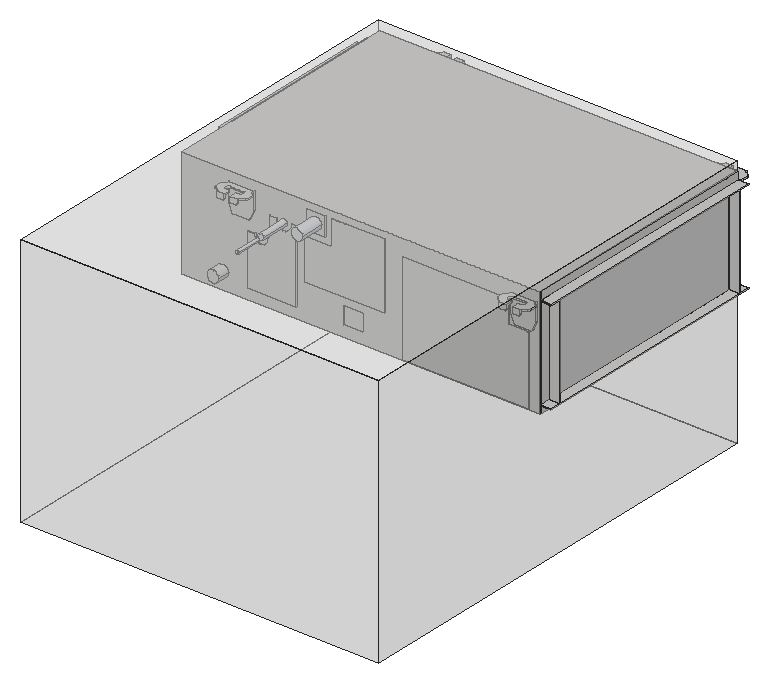
Revit family "outputfile", category 機械設備, Revit 2024
Family settings
  丸型コネクタ寸法 = 半径を使用
  パーツ タイプ = 標準
  OmniClass 番号 = 23.75.10.24.21.27.27
  OmniClass タイトル = Split System Air Conditioning Units
  作業面ベース = いいえ
  常に垂直 = はい
  ロード時にボイドで切り取り = いいえ
  注釈の向きを維持 = いいえ
  共有 = いいえ
  部屋計算ポイント = はい
Parameters (values of type "FXSQ25PAVE8")
  Description = ""
  製造元 = "Daikin"
  書き出し IFC クラス(タイプ) = "IfcUnitaryEquipmentType"
  定義済み IFC タイプ(タイプ) = "AIRCONDITIONINGUNIT"
  Cost = 0
  モデル = "FXSQ25PAVE8"
  Type Comments = ""
  Keynote = ""
  Type Image = (empty or 0)
  Assembly Code = ""
  r_Liquid Pipe Size = Liquid Pipe Size / 2  # 3.2 mm
  r_Gas Pipe Size = Gas Pipe Size / 2  # 6.35 mm
  r_Drain Pipe Size = Drain Pipe Size / 2  # 12.5 mm
  lw_power = 770.0 mm  # constant formula
  lh_SA = 138.0 mm  # constant formula
  lw_SA = if(Depth = 550.0 mm, 225.0 mm, if(Depth = 700.0 mm, 300.0 mm, if(Depth = 1000.0 mm, 450.0 mm, if(Depth = 1400.0 mm, 650.0 mm, 725.0 mm))))  # 225.0 mm
  lw_RA = if(Depth = 550.0 mm, 275.0 mm, if(Depth = 700.0 mm, 349.0 mm, if(Depth = 1000.0 mm, 499.0 mm, if(Depth = 1400.0 mm, 699.0 mm, 775.0 mm))))  # 275.0 mm
  lh_power = 60.0 mm + [h***]  # 60.0 mm
  lh_mountinghole1 = lh_mountinghole + [h***]  # 222.0 mm
  lh_RA = 123.0 mm  # constant formula
  ld_power = Depth / 2  # 275.0 mm
  Voltage_comment_60Hz = "220"
  Voltage_comment_50Hz = "220-240"
  Voltage_60Hz = 220 V
  Voltage_50Hz = 220 V
  URL = ""
  Supply Air Direction [instance] = yes
  Sound Power Level_H speed (dB) = 61
  Phase_60Hz = 1
  Phase_50Hz = 1
  Minimum External Static Pressure = 30.00 Pa
  Minimum Circuit Amps_60Hz = 0.8 A
  Minimum Circuit Amps_50Hz = 0.8 A
  Maximum Fuse Amps_60Hz = 16.0 A
  Maximum Fuse Amps_50Hz = 16.0 A
  Maximum External Static Pressure = 150.00 Pa
  Material_Casing = DAIKIN_GalvanizedSteel_Casing_indoorunit
  lw_mountinghole = 630.0 mm  # constant formula
  lh_gaspipe = 183.0 mm + [h***]  # 183.0 mm
  lh_mountinghole = 222.0 mm  # constant formula
  lh_liquidpipe = 136.0 mm + [h***]  # 136.0 mm
  lh_drainpipe = 207.0 mm + [h***]  # 207.0 mm
  lh_antena = Height - lh_mountinghole + 1.0 mm  # 24.0 mm
  ld_drainpipe = Depth / 2 + 53.0 mm  # 328.0 mm
  ld_liquidpipe = Depth / 2 + 69.0 mm  # 344.0 mm
  ld_gaspipe = Depth / 2 + 65.0 mm  # 340.0 mm
  ld_mountinghole = Depth + 38.0 mm  # 588.0 mm
  h*** = 0.0 mm  # constant formula
  lw_liquidpipe = 179.0 mm  # constant formula
  lw_gaspipe = 229.0 mm  # constant formula
  lw_drainpipe = 300.0 mm  # constant formula
  Width = 800.0 mm
  Version = "ver.1.0"
  Unit Type = "Middle Static Pressure Duct Type"
  Unit Mass Weight = 25.00 kg
  Unit Designation [instance] = ""
  Uniclass2015Version = "Products v1.30"
  Uniclass2015Title = "Variable refrigerant flow units"
  Uniclass2015Code = "Pr_70_65_03_94"
  Total Heating Capacity [instance] = 0.000 kW
  Total Cooling Capacity [instance] = 0.000 kW
  Sound Pressure Level_M speed (dBA) = 0
  Sound Pressure Level_L speed (dBA) = 28
  Sound Pressure Level_H speed (dBA) = 33
  Series = "VRV Fan Coil Unit"
  Sensible Cooling Capacity [instance] = 0.000 kW
  SA Duct Size Width = if(Depth = 550.0 mm, 337.0 mm, if(Depth = 700.0 mm, 492.0 mm, if(Depth = 1000.0 mm, 792.0 mm, if(Depth = 1400.0 mm, 1192.0 mm, 1337.0 mm))))  # 337.0 mm
  SA Duct Size Height = 176.0 mm
  Refrigerant Type = "R410A"
  RA Duct Size Width = if(Depth = 550.0 mm, 502.0 mm, if(Depth = 700.0 mm, 654.0 mm, if(Depth = 1000.0 mm, 952.0 mm, if(Depth = 1400.0 mm, 1352.0 mm, 1502.0 mm))))  # 502.0 mm
  RA Duct Size Height = 208.0 mm
  Power Input (Heating) = 0.099 kW
  Power Input (Cooling) = 0.104 kW
  Option Accessory 3 [instance] = ""
  Option Accessory 2 [instance] = ""
  Option Accessory 1 [instance] = ""
  Nominal Heating Capacity = 3.200 kW
  Nominal Cooling Capacity = 2.800 kW
  Minimum Airflow = 390.00 m³/h
  Median Airflow = 450.00 m³/h
  Maximum Airflow = 540.00 m³/h
  Load Classification = HVAC
  Liquid Pipe Size = 6.4 mm
  Link_Nested Family [instance] = ""
  IfcVersion = "0"
  IfcExportType = "AIRCONDITIONINGUNIT"
  IfcExportAs = "IfcUnitaryEquipmentType"
  Height = 245.0 mm
  Heating Entering Wet Bulb Temperature [instance] = 0.00 °C
  Heating Entering Dry Bulb Temperature [instance] = 0.00 °C
  Heating Ambient Wet Bulb Temperature [instance] = 0.00 °C
  Heating Ambient Dry Bulb Temperature [instance] = 0.00 °C
  Heat Exchanger Type = "Cross Fin Coil"
  Gas Pipe Size = 12.7 mm
  Frequency_60Hz = 60 Hz
  Frequency_50Hz = 50 Hz
  Fan Type = "Sirocco Fan"
  Fan Drive = "Direct Drive"
  FCU Tag No. [instance] = ""
  Drain Pipe Size = 25.0 mm
  Design Supply Airflow [instance] = 0.00 m³/h
  Design Return Airflow [instance] = 0.00 m³/h
  Design External Static Pressure [instance] = 0.00 Pa
  Depth = 550.0 mm
  既定の高さ = 0.0 mm
  Cooling Entering Wet Bulb Temperature [instance] = 0.00 °C
  Cooling Entering Dry Bulb Temperature [instance] = 0.00 °C
  Cooling Ambient Wet Bulb Temperature [instance] = 0.00 °C
  Cooling Ambient Dry Bulb Temperature [instance] = 0.00 °C
  Clearance visibility [instance] = yes
  Clearance Top = 20.0 mm
  Clearance Right = 0.0 mm
  Clearance Rear = 0.0 mm
  Clearance Left = 0.0 mm
  Clearance Front = 450.0 mm
  Clearance Bottom = 300.0 mm
Reference planes
  plane 1 "Center (Front/Back)": y = 0
  plane 2 "h": z = 0
  plane 3 "Center (Left/Right)": x = 0
  plane 4 "Back": y = 275
  plane 5 "Front": y = -275
  plane 6 "Left": x = -400
  plane 7 "Reight": x = 400
  plane 8 "Top": z = 0
  plane 9 "Bottom": z = -245
  plane 10: y = -215
  plane 11: y = 275
  plane 12: y = -725
  plane 13: x = -400
  plane 14: x = 400
  plane 15: z = 20
  plane 16: z = -545
  plane 17: x = -400
  plane 18: x = -399
  plane 19: x = 399
  plane 20: y = 50
  plane 21: y = 0
  plane 22: z = -122
  plane 23: y = -276
  plane 24: z = -109
  plane 25: x = -221
  plane 26: y = -340
  plane 27: z = -62
  plane 28: x = -171
  plane 29: y = -328
  plane 30: z = -38
  plane 31: x = -100
  plane 32: x = -100
  plane 33: x = -221
  plane 34: x = -171
  plane 35: x = 370
  plane 36: x = -266
  plane 37: x = 364
  plane 38: y = -294
  plane 39: y = 294
  plane 40: z = -23
  plane 41: z = -107
  plane 42: y = -344
  plane 43: z = -207
  plane 44: x = -309
  plane 45: y = -301
  plane 46: x = -251
  plane 47: x = -203
  plane 48: x = -144
  plane 49: z = -59
  plane 50: z = -106
  plane 51: z = -221
  plane 52: z = -109
  plane 53: x = -221
  plane 54: z = -62
  plane 55: x = -171
  plane 56: z = -17
  plane 57: z = -59
  plane 58: x = -121
  plane 59: x = -79
  plane 60: x = -125
  plane 61: x = -64
  plane 62: x = 53
  plane 63: z = -164
  plane 64: z = -73
  plane 65: z = -16
  plane 66: x = 93.5
  plane 67: x = 374.5
  plane 68: x = 330
  plane 69: z = -88.5
  plane 70: z = -38
  plane 71: z = -242.5
  plane 72: x = -38.5
  plane 73: x = 6.5
  plane 74: z = -181
  plane 75: z = -221
  plane 76: y = -274
  plane 77: x = -424
  plane 78: x = 424
Forms (mm)
  Extrusion 1, solid, material "DAIKIN_GalvanizedSteel_Casing_indoorunit" <- "Material_Casing"
    sketch origin (0, 0, 0) x (1, 0, 0) y (0, 1, 0)
      loop
        line (-399, 275) -> (-399, -275) -> (399, -275) -> (399, 275) -> (-399, 275)
    from -245 to 0
  Extrusion 2, solid, material "DAIKIN_GalvanizedSteel_Casing_indoorunit" <- "Material_Casing"
    sketch origin (0, 0, 0) x (1, 0, 0) y (0, 0, 1)
      loop
        line (-251, -221) -> (-144, -221) -> (-144, -59) -> (-154.47, -59)
        arc (-154.47, -59) -> (-171, -78.8) -> (-187.53, -59) r 16.8
        line (-187.53, -59) -> (-203, -59) -> (-203, -106) -> (-206.916, -106)
        arc (-206.916, -106) -> (-221, -123.4) -> (-235.084, -106) r 14.4
        line (-235.084, -106) -> (-251, -106) -> (-251, -221)
    from 275 to 276
  Extrusion 3, solid, material "DAIKIN_GalvanizedSteel_Casing_indoorunit" <- "Material_Casing"
    sketch origin (0, 0, 0) x (1, 0, 0) y (0, 0, 1)
      loop
        line (-121, -17) -> (-121, -59) -> (-79, -59) -> (-79, -17) -> (-121, -17)
      loop
        line (-125, -73) -> (-125, -164) -> (53, -164) -> (53, -16) -> (-64, -16) -> (-64, -73) -> (-125, -73)
    from 275 to 276
  Extrusion 4, solid, material "DAIKIN_GalvanizedSteel_Casing_indoorunit" <- "Material_Casing"
    sketch origin (0, 0, 0) x (1, 0, 0) y (0, 0, 1)
      loop
        line (93.5, -38) -> (93.5, -242.5) -> (374.5, -242.5) -> (374.5, -88.5) -> (330, -88.5) -> (330, -38) -> (93.5, -38)
    from 275 to 276
  Extrusion 5, solid
    sketch origin (0, 0, 0) x (1, 0, 0) y (0, 0, 1)
      loop
        circle (-221, -109) r 3.2
    from 275 to 344
  Extrusion 6, solid
    sketch origin (0, 0, 0) x (1, 0, 0) y (0, 0, 1)
      loop
        circle (-171, -62) r 6.35
    from 275 to 340
  Extrusion 7, solid
    sketch origin (0, 0, 0) x (1, 0, 0) y (0, 0, 1)
      loop
        circle (-100, -38) r 12.5
    from 276 to 328
  Extrusion 8, solid, material "DAIKIN_GalvanizedSteel_Casing_indoorunit" <- "Material_Casing"
    sketch origin (0, 0, 0) x (1, 0, 0) y (0, 0, 1)
      loop
        circle (-309, -207) r 13
    from 275 to 301
  Extrusion 9, void
    sketch origin (0, 0, 0) x (1, 0, 0) y (0, 0, 1)
      loop
        line (-38.5, -181) -> (-38.5, -221) -> (6.5, -221) -> (6.5, -181) -> (-38.5, -181)
    from 274 to 275
Cuts and joins
  Extrusion 9 cuts Extrusion 1
Dimensions and locks
  "Height": plane 8 "Top" to plane 9 "Bottom"
  equal spacing: plane 4 "Back", plane 1 "Center (Front/Back)", plane 5 "Front"
  "Depth": plane 4 "Back" to plane 5 "Front"
  equal spacing: plane 6 "Left", plane 3 "Center (Left/Right)", plane 7 "Reight"
  "Width": plane 6 "Left" to plane 7 "Reight"
  "Clearance Left": plane 13 to plane 6 "Left"
  "Clearance Right": plane 7 "Reight" to plane 14
  "Clearance Rear": plane 11 to plane 4 "Back"
  "Clearance Front": plane 5 "Front" to plane 12
  "Clearance Top": plane 15 to plane 8 "Top"
  "Clearance Bottom": plane 9 "Bottom" to plane 16
  locked: plane 17 to plane 18 at 1
  locked: plane 19 to plane 14 at 1
  "lw_SA": plane 11 to plane 20
  "lw_RA": plane 21 to plane 5 "Front"
  "lh_RA": plane 22 to plane 9 "Bottom"
  locked: plane 5 "Front" to plane 23 at 1
  "lw_liquidpipe": plane 25 to plane 6 "Left"
  "lh_liquidpipe": plane 24 to plane 9 "Bottom"
  "lh_gaspipe": plane 27 to plane 9 "Bottom"
  "lw_gaspipe": plane 28 to plane 6 "Left"
  "ld_gaspipe": plane 26 to plane 1 "Center (Front/Back)"
  "ld_drainpipe": plane 29 to plane 1 "Center (Front/Back)"
  "lh_drainpipe": plane 30 to plane 9 "Bottom"
  "lw_drainpipe": plane 31 to plane 6 "Left"
  "lw_drainpipe": plane 6 "Left" to plane 32
  "lw_liquidpipe": plane 6 "Left" to plane 33
  "lw_gaspipe": plane 6 "Left" to plane 34
  "lw_power": plane 6 "Left" to plane 35
  locked: plane 17 to plane 36 at 134
  "lw_mountinghole": plane 36 to plane 37
  equal spacing: plane 38, plane 1 "Center (Front/Back)", plane 39
  "ld_mountinghole": plane 39 to plane 38
  "lh_mountinghole": plane 40 to plane 9 "Bottom"
  "lh_SA": plane 41 to plane 9 "Bottom"
  "ld_liquidpipe": plane 21 to plane 42
  locked: plane 44 to plane 6 "Left" at 91
  locked: plane 43 to plane 9 "Bottom" at 38
  locked: plane 5 "Front" to plane 45 at 26
  plane 48 to plane 47 to plane 46 to plane 6 "Left" = 59.0 mm, 48.0 mm, 149.0 mm
  plane 8 "Top" to plane 49 to plane 50 to plane 51 = 59.0 mm locked, 47.0 mm locked, 115.0 mm locked
  plane 55 to plane 53 to plane 6 "Left" = 50.0 mm locked, 179.0 mm locked
  plane 54 to plane 52 to plane 9 "Bottom" = 47.0 mm locked, 136.0 mm locked
  plane 59 to plane 58 to plane 6 "Left" = 42.0 mm locked, 279.0 mm locked
  plane 8 "Top" to plane 56 to plane 57 = 17.0 mm locked, 42.0 mm locked
  plane 62 to plane 61 to plane 60 to plane 6 "Left" = 117.0 mm, 61.0 mm, 275.0 mm
  plane 8 "Top" to plane 65 to plane 64 = 16.0 mm locked, 57.0 mm locked
  locked: plane 65 to plane 63 at 148
  plane 8 "Top" to plane 70 to plane 69 to plane 71 = 38.0 mm locked, 50.5 mm locked, 154.0 mm locked
  plane 67 to plane 68 to plane 66 to plane 6 "Left" = 44.5 mm locked, 236.5 mm locked, 493.5 mm locked
  plane 8 "Top" to plane 74 to plane 75 = 181.0 mm locked, 40.0 mm locked
  plane 73 to plane 72 to plane 6 "Left" = 45.0 mm, 361.5 mm
  locked: plane 76 to plane 5 "Front" at 1
  locked: plane 77 to plane 17 at 24
  locked: plane 14 to plane 78 at 24
  "r_Liquid Pipe Size": radius of Extrusion 5 sketch curve
  "r_Gas Pipe Size": radius of Extrusion 6 sketch curve
  "r_Drain Pipe Size": radius of Extrusion 7 sketch curve
  aligned and locked: level to plane 2 "h"
  aligned and locked: plane 8 "Top" to Extrusion 1
  aligned and locked: Extrusion 1 to plane 9 "Bottom"
  aligned and locked: nested 5 to plane 12
  aligned and locked: plane 13 to nested 5
  aligned and locked: plane 14 to nested 5
  aligned and locked: nested 5 to plane 13
  aligned and locked: plane 11 to nested 5
  aligned and locked: plane 15 to nested 5
  aligned and locked: plane 16 to nested 5
  aligned and locked: plane 5 "Front" to Extrusion 1 sketch curve
  aligned and locked: Extrusion 1 to plane 18
  aligned and locked: plane 19 to Extrusion 1
  aligned and locked: nested 7 to plane 18
  aligned and locked: nested 7 to plane 20
  aligned and locked: plane 19 to nested 8
  aligned and locked: plane 21 to nested 8
  aligned and locked: plane 22 to nested 8
  aligned and locked: Extrusion 2 to plane 23
  aligned and locked: plane 5 "Front" to Extrusion 2
  aligned and locked: Extrusion 3 to plane 23
  aligned and locked: plane 5 "Front" to Extrusion 3
  aligned and locked: plane 5 "Front" to Extrusion 4
  aligned and locked: Extrusion 5 sketch curve to plane 25
  aligned and locked: plane 24 to Extrusion 5 sketch curve
  aligned and locked: plane 5 "Front" to Extrusion 5
  aligned and locked: Extrusion 6 sketch curve to plane 28
  aligned and locked: plane 27 to Extrusion 6 sketch curve
  aligned and locked: plane 5 "Front" to Extrusion 6
  aligned and locked: Extrusion 7 sketch curve to plane 31
  aligned and locked: Extrusion 7 sketch curve to plane 30
  aligned and locked: Extrusion 7 to plane 29
  aligned and locked: plane 23 to Extrusion 7
  aligned and locked: nested 3 to plane 29
  aligned and locked: plane 32 to nested 3
  aligned and locked: nested 2 to plane 33
  aligned and locked: nested 1 to plane 34
  aligned and locked: Extrusion 6 to plane 26
  aligned and locked: nested 1 to plane 26
  aligned and locked: nested 6 to plane 5 "Front"
  aligned and locked: plane 35 to nested 6
  aligned and locked: plane 36 to nested 10
  aligned and locked: nested 10 to plane 5 "Front"
  aligned and locked: plane 37 to nested 9
  aligned and locked: nested 9 to plane 5 "Front"
  aligned and locked: nested 11 to plane 36
  aligned and locked: plane 4 "Back" to nested 11
  aligned and locked: nested 12 to plane 37
  aligned and locked: plane 4 "Back" to nested 12
  aligned and locked: plane 40 to nested 10
  aligned and locked: plane 40 to nested 11
  aligned and locked: plane 40 to nested 9
  aligned and locked: plane 40 to nested 12
  aligned and locked: plane 36 to nested 14
  aligned and locked: nested 14 to plane 39
  aligned and locked: plane 37 to nested 13
  aligned and locked: nested 13 to plane 39
  aligned and locked: plane 37 to nested 16
  aligned and locked: plane 38 to nested 16
  aligned and locked: plane 38 to nested 15
  aligned and locked: plane 36 to nested 15
  aligned and locked: plane 17 to plane 6 "Left"
  aligned and locked: plane 41 to nested 7
  aligned and locked: Extrusion 5 to plane 42
  aligned and locked: nested 2 to plane 42
  aligned and locked: Extrusion 8 sketch curve to plane 44
  aligned and locked: plane 43 to Extrusion 8 sketch curve
  aligned and locked: plane 5 "Front" to Extrusion 8
  aligned and locked: plane 45 to Extrusion 8
  aligned and locked: Extrusion 3 sketch curve to plane 56
  aligned and locked: Extrusion 3 sketch curve to plane 58
  aligned and locked: plane 57 to Extrusion 3 sketch curve
  aligned and locked: plane 59 to Extrusion 3 sketch curve
  aligned and locked: Extrusion 4 to plane 23
  aligned and locked: Extrusion 9 sketch curve to plane 74
  aligned and locked: plane 75 to Extrusion 9 sketch curve
  aligned and locked: plane 73 to Extrusion 9 sketch curve
  aligned and locked: plane 5 "Front" to Extrusion 9
  aligned and locked: plane 76 to Extrusion 9
  aligned and locked: nested 17 to plane 20
  aligned and locked: nested 17 to plane 77
  aligned and locked: plane 21 to nested 18
  aligned and locked: plane 78 to nested 18
  aligned and locked: plane 41 to nested 17
  aligned and locked: nested 18 to plane 22
  aligned and locked: nested 4 to plane 3 "Center (Left/Right)"
  aligned and locked: plane 1 "Center (Front/Back)" to nested 4
  aligned and locked: level to plane 8 "Top"
Automatic sketch dimensions
  plane 6 "Left" to Extrusion 1 sketch curve = 1.0 mm
  Extrusion 1 sketch curve to plane 7 "Reight" = 1.0 mm
  Extrusion 1 sketch curve to plane 4 "Back" = 0.0 mm
  Extrusion 2 sketch curve to plane 46 = 0.0 mm
  Extrusion 2 sketch curve to plane 33 = 0.0 mm
  Extrusion 2 sketch curve to plane 47 = 0.0 mm
  Extrusion 2 sketch curve to plane 34 = 0.0 mm
  Extrusion 2 sketch curve to plane 48 = 0.0 mm
  Extrusion 2 sketch curve to plane 51 = 0.0 mm
  Extrusion 2 sketch curve to plane 52 = 0.0 mm
  Extrusion 2 sketch curve to plane 50 = 0.0 mm  (x3)
  Extrusion 2 sketch curve to plane 54 = 0.0 mm
  Extrusion 2 sketch curve to plane 49 = 0.0 mm  (x3)
  plane 33 to Extrusion 2 sketch curve = 14.084 mm
  plane 34 to Extrusion 2 sketch curve = 16.53 mm
  Extrusion 3 sketch curve to plane 60 = 0.0 mm
  Extrusion 3 sketch curve to plane 61 = 0.0 mm
  Extrusion 3 sketch curve to plane 62 = 0.0 mm
  Extrusion 3 sketch curve to plane 63 = 0.0 mm
  Extrusion 3 sketch curve to plane 64 = 0.0 mm
  Extrusion 3 sketch curve to plane 65 = 0.0 mm
  Extrusion 4 sketch curve to plane 66 = 0.0 mm
  Extrusion 4 sketch curve to plane 68 = 0.0 mm
  Extrusion 4 sketch curve to plane 67 = 0.0 mm
  Extrusion 4 sketch curve to plane 71 = 0.0 mm
  Extrusion 4 sketch curve to plane 69 = 0.0 mm
  Extrusion 4 sketch curve to plane 70 = 0.0 mm
  Extrusion 9 sketch curve to plane 72 = 0.0 mm
  radius of Extrusion 8 sketch curve = 13.0 mm
Nested families
  nested 1: "daikin_connector_rotate2" at (-171, 0, -62), length <- "ld_gaspipe", built-in parameter 1001364 <- "lh_gaspipe", radius <- "r_Gas Pipe Size", type "daikin_connector_rotate2"
    with radius 6.35 mm, length 340.0 mm, angle_vertical 90.00°
  nested 2: "daikin_connector_rotate2" at (-221, 0, -109), length <- "ld_liquidpipe", built-in parameter 1001364 <- "lh_liquidpipe", radius <- "r_Liquid Pipe Size", type "daikin_connector_rotate2"
    with radius 3.2 mm, length 344.0 mm, angle_vertical 90.00°
  nested 3: "daikin_connector_rotate2" at (-100, 0, -38), length <- "ld_drainpipe", built-in parameter 1001364 <- "lh_drainpipe", radius <- "r_Drain Pipe Size", type "daikin_connector_rotate2"
    with radius 12.5 mm, length 328.0 mm, angle_vertical 90.00°
  nested 4: "daikin_△_symbolicline" at (0, 0, 245) x (0, -1, 0) z (0, 0, 1), built-in parameter 1001364 <- "Height", visible <- "Supply Air Direction", type "daikin_△_symbolicline"
    with length 200.0 mm
  nested 5: "daikin_clearancespace" at (0, -225, -262.381), visible <- "Clearance visibility", show <- "Clearance visibility", Link_Nested Family <- "Link_Nested Family", type "daikin_clearancespace"
    with width 800.0 mm, show yes, height 565.0 mm, depth 1000.0 mm, Link_Nested Family ""
  nested 6: "daikin_connector_rotate2" at (370, 0, -185), built-in parameter 1001364 <- "lh_power", length <- "ld_power", type "daikin_connector_rotate2"
    with radius 10.0 mm, length 275.0 mm, angle_vertical 90.00°
  nested 7: "daikin_ductflange_FXSQ-PAVE8_2" at (-399, 50, -107) x (0, -1, 0) z (0, 0, 1), type "daikin_ductflange_FXSQ-PAVE8_2"
  nested 8: "daikin_ductflange_FXSQ-PAVE8_1" at (399, 0, -122) x (0, 1, 0) z (0, 0, 1), type "daikin_ductflange_FXSQ-PAVE8_1"
  nested 9: "daikin_hangerfixture_FXSQ-PAVE8" at (364, -275, -23), type "daikin_hangerfixture_FXSQ-PAVE8"
  nested 10: "daikin_hangerfixture_FXSQ-PAVE8" at (-266, -275, -23), type "daikin_hangerfixture_FXSQ-PAVE8"
  nested 11: "daikin_hangerfixture_FXSQ-PAVE8" at (-266, 275, -23) x (-1, 0, 0) z (0, 0, 1), type "daikin_hangerfixture_FXSQ-PAVE8"
  nested 12: "daikin_hangerfixture_FXSQ-PAVE8" at (364, 275, -23) x (-1, 0, 0) z (0, 0, 1), type "daikin_hangerfixture_FXSQ-PAVE8"
  nested 13: "daikin_mountinghole" at (364, 294, -245), h_mountinghole <- "lh_mountinghole1", l_antenna <- "lh_antena", Link_Nested Family <- "Link_Nested Family", type "daikin_mountinghole"
    with show yes, l_antenna 24.0 mm, h_mountinghole 222.0 mm, Link_Nested Family ""
  nested 14: "daikin_mountinghole" at (-266, 294, -245), h_mountinghole <- "lh_mountinghole1", l_antenna <- "lh_antena", Link_Nested Family <- "Link_Nested Family", type "daikin_mountinghole"
    with show yes, l_antenna 24.0 mm, h_mountinghole 222.0 mm, Link_Nested Family ""
  nested 15: "daikin_mountinghole" at (-266, -294, -245), h_mountinghole <- "lh_mountinghole1", l_antenna <- "lh_antena", Link_Nested Family <- "Link_Nested Family", type "daikin_mountinghole"
    with show yes, l_antenna 24.0 mm, h_mountinghole 222.0 mm, Link_Nested Family ""
  nested 16: "daikin_mountinghole" at (364, -294, -245), h_mountinghole <- "lh_mountinghole1", l_antenna <- "lh_antena", Link_Nested Family <- "Link_Nested Family", type "daikin_mountinghole"
    with show yes, l_antenna 24.0 mm, h_mountinghole 222.0 mm, Link_Nested Family ""
  nested 17: "daikin_connector_rotate2" at (-400, 50, -107) x (0, -1, 0) z (0, 0, 1), type "daikin_connector_rotate2"
    with radius 10.0 mm, length 24.0 mm, angle_vertical 90.00°
  nested 18: "daikin_connector_rotate2" at (400, 0, -122) x (0, 1, 0) z (0, 0, 1), type "daikin_connector_rotate2"
    with radius 10.0 mm, length 24.0 mm, angle_vertical 90.00°
Connectors
  piping at (-100, -328, -38), diameter 25, driven by "r_Drain Pipe Size"
    settings: on nested 3, index 3, connector inside diameter 609.6 mm, connector length 0.0 mm, flow factor 0, pipe flow 0.00 m³/h, pressure drop 0.0 Pa, fitting loss kfactor 0, connector angle 0.00°, fixture units 0, engagement length 0.0 mm, angle of deflection 0.00°, flow configuration 1, flow direction 2, fitting loss method 4, system type 16, joint type 0, gender type 0, connector reference index -1, connector utility 0, adjustable connector no, is connector primary yes, connector description "Condensate Drain Piping"
  piping at (-171, -340, -62), diameter 12.7, driven by "r_Gas Pipe Size"
    settings: on nested 1, index 4, connector inside diameter 609.6 mm, connector length 0.0 mm, flow factor 0, pipe flow 0.00 m³/h, pressure drop 0.0 Pa, fitting loss kfactor 0, connector angle 0.00°, fixture units 0, engagement length 0.0 mm, angle of deflection 0.00°, flow configuration 1, flow direction 2, fitting loss method 0, system type 29, joint type 0, gender type 0, connector reference index -1, connector utility 0, adjustable connector no, is connector primary no, connector description "Refrigerant Gas Piping"
  piping at (-221, -344, -109), diameter 6.4, driven by "r_Liquid Pipe Size"
    settings: on nested 2, index 5, connector inside diameter 609.6 mm, connector length 0.0 mm, flow factor 0, pipe flow 0.00 m³/h, pressure drop 0.0 Pa, fitting loss kfactor 0, connector angle 0.00°, fixture units 0, engagement length 0.0 mm, angle of deflection 0.00°, flow configuration 1, flow direction 1, fitting loss method 0, system type 29, joint type 0, gender type 0, connector reference index -1, connector utility 0, adjustable connector no, is connector primary no, connector description "Refrigerant Liquid Piping"
  electrical at (370, -275, -185), driven by "Load Classification"
    settings: on nested 6, index 6, voltage 0 V, apparent load 0 VA, apparent load phase1 0 VA, apparent load phase2 0 VA, apparent load phase3 0 VA, power factor 1, load classification "HVAC", number of poles 1, system type 30, power factor state 1, is connector primary yes, connector utility no, sub classification motor no, connector description "Power Supply"
  hvac at (-424, 50, -107), driven by "SA Duct Size Height", driven by "SA Duct Size Width"
    settings: on nested 17, index 7, duct flow 0.00 m³/h, flow factor 0, pres drop 0.00 Pa, loss coef 0, conn angle 0.00°, conn width 337.0 mm, conn height 176.0 mm, conn diameter 609.6 mm, duct sys type 1, conn prof type 1, flow config 0, flow direction 2, loss method 4, conn ref index -1, conn util no, is conn primary yes, conn desc "SA Duct"
  hvac at (424, 0, -122), driven by "RA Duct Size Height", driven by "RA Duct Size Width"
    settings: on nested 18, index 8, duct flow 0.00 m³/h, flow factor 0, pres drop 0.00 Pa, loss coef 0, conn angle 0.00°, conn width 502.0 mm, conn height 208.0 mm, conn diameter 609.6 mm, duct sys type 2, conn prof type 1, flow config 0, flow direction 1, loss method 4, conn ref index -1, conn util no, is conn primary no, conn desc "RA Duct"
Definition of nested family "daikin_clearancespace"
  Parameters (values of type "daikin_clearancespace")
    width [instance] = 1823.963 mm
    show [instance] = yes
    material = none
    height [instance] = 1359.762 mm
    depth [instance] = 880.0 mm
    Default Elevation = 0.0 mm
    Link_Nested Family [instance] = ""
  Reference planes
    plane 1 "Center (Front/Back)": y = 0
    plane 2 "Center (Elevation)": z = -0.119
    plane 3 "Center (Left/Right)": x = 0
    plane 4: y = 440
    plane 5: y = -440
    plane 6 "Right": x = 911.982
    plane 7 "Left": x = -911.982
    plane 8 "Top": z = 679.762
    plane 9 "Bottom": z = -680
  Forms (mm)
    Extrusion 1, solid, material <- "material", visible <- "show"
      sketch origin (0, 0, 0) x (1, 0, 0) y (0, 1, 0)
        loop
          line (-911.982, 440) -> (-911.982, -440) -> (911.982, -440) -> (911.982, 440) -> (-911.982, 440)
      from -680 to 679.762
  Lines and regions (mm)
    symbolic lines, visible <- "show"
      curve 1: line (911.982, 440, 0) -> (-911.982, 440, 0)
      curve 2: line (-911.982, 440, 0) -> (-911.982, -440, 0)
      curve 3: line (-911.982, -440, 0) -> (911.982, -440, 0)
      curve 4: line (911.982, -440, 0) -> (911.982, 440, 0)
      curve 5: line (911.982, 0, 679.762) -> (-911.982, 0, 679.762)
      curve 6: line (911.982, 0, -680) -> (911.982, 0, 679.762)
      curve 7: line (-911.982, 0, -680) -> (911.982, 0, -680)
      curve 8: line (-911.982, 0, 679.762) -> (-911.982, 0, -680)
      curve 9: line (0, 440, 679.762) -> (0, -440, 679.762)
      curve 10: line (0, -440, 679.762) -> (0, -440, -680)
      curve 11: line (0, 440, -680) -> (0, 440, 679.762)
      curve 12: line (0, -440, -680) -> (0, 440, -680)
  Dimensions and locks
    "width": plane 7 "Left" to plane 6 "Right"
    "depth": plane 4 to plane 5
    "height": plane 8 "Top" to plane 9 "Bottom"
    equal spacing: plane 7 "Left", plane 3 "Center (Left/Right)", plane 6 "Right"
    equal spacing: plane 4, plane 1 "Center (Front/Back)", plane 5
    equal spacing: plane 8 "Top", plane 2 "Center (Elevation)", plane 9 "Bottom"
    aligned and locked: level to plane 2 "Center (Elevation)"
    aligned and locked: Extrusion 1 sketch curve to plane 4
    aligned and locked: plane 7 "Left" to Extrusion 1 sketch curve
    aligned and locked: Extrusion 1 sketch curve to plane 5
    aligned and locked: Extrusion 1 sketch curve to plane 6 "Right"
    aligned and locked: plane 8 "Top" to Extrusion 1
    aligned and locked: curve 1 to Extrusion 1
    aligned and locked: curve 2 to Extrusion 1
    aligned and locked: curve 3 to Extrusion 1
    aligned and locked: curve 4 to Extrusion 1
    aligned and locked: curve 5 to Extrusion 1
    aligned and locked: curve 6 to Extrusion 1
    aligned and locked: curve 7 to Extrusion 1
    aligned and locked: curve 8 to Extrusion 1
    aligned and locked: curve 9 to Extrusion 1
    aligned and locked: curve 10 to Extrusion 1
    aligned and locked: curve 11 to Extrusion 1
    aligned and locked: curve 12 to Extrusion 1
    aligned and locked: Extrusion 1 to plane 9 "Bottom"
Definition of nested family "daikin_ductflange_FXSQ-PAVE8_2"
  Parameters (values of type "daikin_ductflange_FXMQ-PAVE2")
    width = if(w = 550.0 mm, 337.0 mm, if(w = 700.0 mm, 492.0 mm, if(w = 1000.0 mm, 792.0 mm, if(w = 1400.0 mm, 1192.0 mm, 1337.0 mm))))  # 337.0 mm
    material = none
    height = 215.0 mm
    depth = 1.0 mm
    w = 550.0 mm
    Default Elevation = 0.0 mm
  Reference planes
    plane 1 "Center (Front/Back)": y = 0
    plane 2: z = 0
    plane 3 "Center (Left/Right)": x = 0
    plane 4: z = 88
    plane 5: z = -88
    plane 6: y = -25
    plane 7: z = 106
    plane 8: z = 89
    plane 9: y = -1
    plane 10: x = -192.5
    plane 11: x = 192.5
    plane 12: z = -106
    plane 13: z = -89
    plane 14: y = -1
    plane 15: x = 168.5
    plane 16: x = -168.5
    plane 17: x = 169.5
    plane 18: z = 87
    plane 19: z = -87
    plane 20: x = -169.5
    plane 21: z = 87
    plane 22: z = -87
    plane 23: y = -1
  Forms (mm)
    Extrusion 1, solid, material <- "material"
      sketch origin (0, 0, 0) x (0, 1, 0) y (0, 0, 1)
        loop
          line (-25, 88) -> (0, 88) -> (0, 106) -> (-1, 106) -> (-1, 89) -> (-25, 89) -> (-25, 88)
      from -192.5 to 192.5
    Extrusion 2, solid, material <- "material"
      sketch origin (0, 0, 0) x (0, 1, 0) y (0, 0, 1)
        loop
          line (-25, -88) -> (-25, -89) -> (-1, -89) -> (-1, -106) -> (0, -106) -> (0, -88) -> (-25, -88)
      from -192.5 to 192.5
    Extrusion 3, solid, material <- "material"
      sketch origin (0, 0, 0) x (1, 0, 0) y (0, 0, 1)
        loop
          line (168.5, 88) -> (168.5, -88) -> (192.5, -88) -> (192.5, -87) -> (169.5, -87) -> (169.5, 87) -> (192.5, 87) -> (192.5, 88) -> (168.5, 88)
      from 0 to 25
    Extrusion 4, solid, material <- "material"
      sketch origin (0, 0, 0) x (1, 0, 0) y (0, 0, 1)
        loop
          line (-192.5, 88) -> (-192.5, 87) -> (-169.5, 87) -> (-169.5, -87) -> (-192.5, -87) -> (-192.5, -88) -> (-168.5, -88) -> (-168.5, 88) -> (-192.5, 88)
      from 0 to 25
    Extrusion 5, solid, material <- "material"
      sketch origin (0, 0, 0) x (1, 0, 0) y (0, 0, 1)
        loop
          line (-192.5, 88) -> (-192.5, -88) -> (-168.5, -88) -> (-168.5, 88) -> (-192.5, 88)
        loop
          line (192.5, 88) -> (168.5, 88) -> (168.5, -88) -> (192.5, -88) -> (192.5, 88)
      from 0 to 1
  Cuts and joins
    joined: Extrusion 1, Extrusion 2, Extrusion 3, Extrusion 4, Extrusion 5
  Dimensions and locks
    plane 4 to level to plane 5 = 88.0 mm, 88.0 mm
    locked: plane 6 to plane 1 "Center (Front/Back)" at 25
    locked: plane 9 to plane 1 "Center (Front/Back)" at 1
    locked: plane 8 to plane 4 at 1
    locked: plane 16 to plane 10 at 24
    locked: plane 17 to plane 15 at 1
    locked: plane 4 to plane 18 at 1
    locked: plane 19 to plane 5 at 1
    "width": plane 15 to plane 16
    plane 4 to plane 5 = 176.0 mm
    locked: plane 16 to plane 20 at 1
    locked: plane 4 to plane 21 at 1
    locked: plane 22 to plane 5 at 1
    locked: plane 23 to plane 1 "Center (Front/Back)" at 1
    plane 4 to level to plane 5 = 88.0 mm locked, 88.0 mm locked
    locked: plane 5 to plane 13 at 1
    locked: plane 5 to plane 12 at 18
    locked: plane 7 to plane 4 at 18
    equal spacing: plane 15, plane 3 "Center (Left/Right)", plane 16
    locked: plane 11 to plane 15 at 24
    plane 11 to plane 10 = 385.0 mm
    aligned and locked: level to plane 2
    aligned and locked: Extrusion 1 to plane 10
    aligned and locked: plane 11 to Extrusion 1
    aligned and locked: plane 5 to Extrusion 2
    aligned and locked: Extrusion 2 to plane 1 "Center (Front/Back)"
    aligned and locked: plane 15 to Extrusion 3 sketch curve
    aligned and locked: Extrusion 3 sketch curve to Extrusion 2  (x2)
    aligned and locked: Extrusion 3 sketch curve to plane 11
    aligned and locked: plane 6 to Extrusion 3
    aligned and locked: Extrusion 2 to plane 10
    aligned and locked: plane 11 to Extrusion 2
    aligned and locked: Extrusion 4 sketch curve to Extrusion 1  (x2)
    aligned and locked: plane 5 to Extrusion 4 sketch curve
    aligned and locked: Extrusion 4 sketch curve to plane 16
    aligned and locked: Extrusion 4 sketch curve to plane 22
    aligned and locked: plane 20 to Extrusion 4 sketch curve
    aligned and locked: plane 21 to Extrusion 4 sketch curve
    aligned and locked: Extrusion 4 to plane 1 "Center (Front/Back)"
    aligned and locked: plane 6 to Extrusion 4
    aligned and locked: Extrusion 5 sketch curve to Extrusion 1  (x4)
    aligned and locked: Extrusion 5 sketch curve to Extrusion 4  (x2)
    aligned and locked: Extrusion 5 sketch curve to Extrusion 3  (x2)
    aligned and locked: Extrusion 5 to plane 1 "Center (Front/Back)"
    aligned and locked: plane 23 to Extrusion 5
  Automatic sketch dimensions
    Extrusion 1 sketch curve to plane 6 = 0.0 mm
    Extrusion 1 sketch curve to plane 7 = 0.0 mm
    Extrusion 1 sketch curve to plane 9 = 0.0 mm
    Extrusion 1 sketch curve to plane 1 "Center (Front/Back)" = 0.0 mm
    Extrusion 1 sketch curve to plane 4 = 0.0 mm
    Extrusion 1 sketch curve to plane 8 = 0.0 mm
    Extrusion 2 sketch curve to plane 6 = 0.0 mm
    plane 12 to Extrusion 2 sketch curve = 0.0 mm
    Extrusion 2 sketch curve to plane 14 = 0.0 mm
    Extrusion 2 sketch curve to plane 1 "Center (Front/Back)" = 0.0 mm
    plane 13 to Extrusion 2 sketch curve = 0.0 mm
    Extrusion 2 sketch curve to plane 5 = 0.0 mm
    Extrusion 3 sketch curve to plane 17 = 0.0 mm
    Extrusion 3 sketch curve to plane 19 = 0.0 mm
    Extrusion 3 sketch curve to plane 18 = 0.0 mm
    Extrusion 3 sketch curve to plane 4 = 0.0 mm
    Extrusion 4 sketch curve to plane 10 = 0.0 mm
Definition of nested family "daikin_ductflange_FXSQ-PAVE8_1"
  Parameters (values of type "daikin_ductflange_FXMQ-PAVE")
    width = if(w = 550.0 mm, 502.0 mm, if(w = 700.0 mm, 654.0 mm, if(w = 1000.0 mm, 952.0 mm, if(w = 1400.0 mm, 1352.0 mm, 1502.0 mm))))  # 502.0 mm
    material = none
    height = 208.0 mm
    depth = 1.0 mm
    w = 550.0 mm
    Default Elevation = 0.0 mm
  Reference planes
    plane 1 "Center (Front/Back)": y = 0
    plane 2: z = 0
    plane 3 "Center (Left/Right)": x = 0
    plane 4: z = 104
    plane 5: z = -104
    plane 6: y = -25
    plane 7: z = 121
    plane 8: z = 105
    plane 9: y = -1
    plane 10: x = -275
    plane 11: x = 275
    plane 12: z = -122
    plane 13: z = -105
    plane 14: y = -1
    plane 15: x = 251
    plane 16: x = -251
    plane 17: x = 252
    plane 18: z = 103
    plane 19: z = -103
    plane 20: x = -252
    plane 21: z = 103
    plane 22: z = -103
    plane 23: y = -1
  Forms (mm)
    Extrusion 1, solid, material <- "material"
      sketch origin (0, 0, 0) x (0, 1, 0) y (0, 0, 1)
        loop
          line (-25, 104) -> (0, 104) -> (0, 121) -> (-1, 121) -> (-1, 105) -> (-25, 105) -> (-25, 104)
      from -275 to 275
    Extrusion 2, solid, material <- "material"
      sketch origin (0, 0, 0) x (0, 1, 0) y (0, 0, 1)
        loop
          line (-25, -104) -> (-25, -105) -> (-1, -105) -> (-1, -122) -> (0, -122) -> (0, -104) -> (-25, -104)
      from -275 to 275
    Extrusion 3, solid, material <- "material"
      sketch origin (0, 0, 0) x (1, 0, 0) y (0, 0, 1)
        loop
          line (251, 104) -> (251, -104) -> (275, -104) -> (275, -103) -> (252, -103) -> (252, 103) -> (275, 103) -> (275, 104) -> (251, 104)
      from 0 to 25
    Extrusion 4, solid, material <- "material"
      sketch origin (0, 0, 0) x (1, 0, 0) y (0, 0, 1)
        loop
          line (-275, 104) -> (-275, 103) -> (-252, 103) -> (-252, -103) -> (-275, -103) -> (-275, -104) -> (-251, -104) -> (-251, 104) -> (-275, 104)
      from 0 to 25
    Extrusion 5, solid, material <- "material"
      sketch origin (0, 0, 0) x (1, 0, 0) y (0, 0, 1)
        loop
          line (-275, 104) -> (-275, -104) -> (-251, -104) -> (-251, 104) -> (-275, 104)
        loop
          line (275, 104) -> (251, 104) -> (251, -104) -> (275, -104) -> (275, 104)
      from 0 to 1
  Cuts and joins
    joined: Extrusion 1, Extrusion 2, Extrusion 3, Extrusion 4, Extrusion 5
  Dimensions and locks
    plane 4 to level to plane 5 = 104.0 mm, 104.0 mm
    locked: plane 6 to plane 1 "Center (Front/Back)" at 25
    locked: plane 9 to plane 1 "Center (Front/Back)" at 1
    locked: plane 8 to plane 4 at 1
    locked: plane 11 to plane 15 at 24
    locked: plane 16 to plane 10 at 24
    locked: plane 17 to plane 15 at 1
    locked: plane 4 to plane 18 at 1
    locked: plane 19 to plane 5 at 1
    "width": plane 15 to plane 16
    equal spacing: plane 15, plane 3 "Center (Left/Right)", plane 16
    locked: plane 16 to plane 20 at 1
    locked: plane 4 to plane 21 at 1
    locked: plane 22 to plane 5 at 1
    locked: plane 23 to plane 1 "Center (Front/Back)" at 1
    locked: plane 7 to plane 4 at 17
    locked: plane 1 "Center (Front/Back)" to plane 14 at 1
    locked: plane 5 to plane 13 at 1
    "height": plane 4 to plane 5
    plane 11 to plane 10 = 550.0 mm
    locked: plane 12 to plane 13 at 17
    equal spacing: plane 4, level, plane 5
    aligned and locked: level to plane 2
    aligned and locked: Extrusion 1 to plane 10
    aligned and locked: plane 11 to Extrusion 1
    aligned and locked: plane 5 to Extrusion 2
    aligned and locked: Extrusion 2 to plane 1 "Center (Front/Back)"
    aligned and locked: plane 15 to Extrusion 3 sketch curve
    aligned and locked: Extrusion 3 sketch curve to Extrusion 2  (x2)
    aligned and locked: Extrusion 3 sketch curve to plane 11
    aligned and locked: plane 6 to Extrusion 3
    aligned and locked: Extrusion 2 to plane 10
    aligned and locked: plane 11 to Extrusion 2
    aligned and locked: Extrusion 4 sketch curve to Extrusion 1  (x2)
    aligned and locked: plane 5 to Extrusion 4 sketch curve
    aligned and locked: Extrusion 4 sketch curve to plane 16
    aligned and locked: Extrusion 4 sketch curve to plane 22
    aligned and locked: plane 20 to Extrusion 4 sketch curve
    aligned and locked: plane 21 to Extrusion 4 sketch curve
    aligned and locked: Extrusion 4 to plane 1 "Center (Front/Back)"
    aligned and locked: plane 6 to Extrusion 4
    aligned and locked: Extrusion 5 sketch curve to Extrusion 1  (x4)
    aligned and locked: Extrusion 5 sketch curve to Extrusion 4  (x2)
    aligned and locked: Extrusion 5 sketch curve to Extrusion 3  (x2)
    aligned and locked: Extrusion 5 to plane 1 "Center (Front/Back)"
    aligned and locked: plane 23 to Extrusion 5
  Automatic sketch dimensions
    Extrusion 1 sketch curve to plane 6 = 0.0 mm
    Extrusion 1 sketch curve to plane 7 = 0.0 mm
    Extrusion 1 sketch curve to plane 9 = 0.0 mm
    Extrusion 1 sketch curve to plane 1 "Center (Front/Back)" = 0.0 mm
    Extrusion 1 sketch curve to plane 4 = 0.0 mm
    Extrusion 1 sketch curve to plane 8 = 0.0 mm
    Extrusion 2 sketch curve to plane 6 = 0.0 mm
    plane 12 to Extrusion 2 sketch curve = 0.0 mm
    Extrusion 2 sketch curve to plane 14 = 0.0 mm
    Extrusion 2 sketch curve to plane 1 "Center (Front/Back)" = 0.0 mm
    plane 13 to Extrusion 2 sketch curve = 0.0 mm
    Extrusion 2 sketch curve to plane 5 = 0.0 mm
    Extrusion 3 sketch curve to plane 17 = 0.0 mm
    Extrusion 3 sketch curve to plane 19 = 0.0 mm
    Extrusion 3 sketch curve to plane 18 = 0.0 mm
    Extrusion 3 sketch curve to plane 4 = 0.0 mm
    Extrusion 4 sketch curve to plane 10 = 0.0 mm
Definition of nested family "daikin_hangerfixture_FXSQ-PAVE8"
  Parameters (values of type "daikin_hangerfixture_FXMQ-PAVE")
    width = 72.0 mm
    material = none
    height = 60.0 mm
    depth = 41.0 mm
    Default Elevation = 0.0 mm
  Reference planes
    plane 1 "Center (Front/Back)": y = 0
    plane 2: z = 0
    plane 3 "Center (Left/Right)": x = 0
    plane 4: y = 417.146
    plane 5: y = -41
    plane 6: x = -36
    plane 7: x = 36
    plane 8: z = -2.3
    plane 9: z = -60
    plane 10: y = -2.3
    plane 11: z = -12
    plane 12: y = -38.7
  Forms (mm)
    Extrusion 1, solid, material <- "material"
      sketch origin (0, 0, 0) x (1, 0, 0) y (0, 1, 0)
        loop
          line (-28, 0) -> (-28, -5)
          arc (-28, -5) -> (-29.127, -8.162) -> (-32, -9.899) r 5
          arc (-32, -9.899) -> (-34.873, -11.636) -> (-36, -14.798) r 5
          line (-36, -14.798) -> (-36, -27.178)
          arc (-36, -27.178) -> (-35.429, -29.499) -> (-33.846, -31.289) r 5
          line (-33.846, -31.289) -> (-23, -38.798) -> (-23, -41.098) -> (-6.5, -41.098) -> (-6.5, -28.498)
          arc (-6.5, -28.498) -> (-7.379, -26.377) -> (-9.5, -25.498) r 3
          line (-9.5, -25.498) -> (-13.5, -25.498)
          arc (-13.5, -25.498) -> (-20, -18.998) -> (-13.5, -12.498) r 6.5
          line (-13.5, -12.498) -> (13.5, -12.498)
          arc (13.5, -12.498) -> (20, -18.998) -> (13.5, -25.498) r 6.5
          line (13.5, -25.498) -> (9.5, -25.498)
          arc (9.5, -25.498) -> (7.379, -26.377) -> (6.5, -28.498) r 3
          line (6.5, -28.498) -> (6.5, -41.098) -> (23, -41.098) -> (23, -38.798) -> (33.846, -31.289)
          arc (33.846, -31.289) -> (35.429, -29.499) -> (36, -27.178) r 5
          line (36, -27.178) -> (36, -14.596)
          arc (36, -14.596) -> (34.873, -11.434) -> (32, -9.697) r 5
          arc (32, -9.697) -> (29.127, -7.96) -> (28, -4.798) r 5
          line (28, -4.798) -> (28, 0) -> (-28, 0)
      from 0 to -2.3
    Extrusion 2, solid, material <- "material"
      sketch origin (0, 0, 0) x (1, 0, 0) y (0, 0, 1)
        loop
          line (28, -39.037) -> (28, 0) -> (-28, 0) -> (-28, -39.037)
          arc (-28, -39.037) -> (-27.91, -39.983) -> (-27.642, -40.894) r 5
          line (-27.642, -40.894) -> (-21.257, -56.857)
          arc (-21.257, -56.857) -> (-19.418, -59.14) -> (-16.615, -60) r 5
          line (-16.615, -60) -> (16.615, -60)
          arc (16.615, -60) -> (19.418, -59.14) -> (21.257, -56.857) r 5
          line (21.257, -56.857) -> (27.642, -40.894)
          arc (27.642, -40.894) -> (27.91, -39.983) -> (28, -39.037) r 5
      from 0 to 2.3
    Extrusion 3, solid, material <- "material"
      sketch origin (0, 0, 0) x (1, 0, 0) y (0, 0, 1)
        loop
          line (-23, 0) -> (-23, -9)
          arc (-23, -9) -> (-22.121, -11.121) -> (-20, -12) r 3
          line (-20, -12) -> (-9.5, -12)
          arc (-9.5, -12) -> (-7.379, -11.121) -> (-6.5, -9) r 3
          line (-6.5, -9) -> (-6.5, 0) -> (-23, 0)
        loop
          line (23, 0) -> (6.5, 0) -> (6.5, -9)
          arc (6.5, -9) -> (7.379, -11.121) -> (9.5, -12) r 3
          line (9.5, -12) -> (20, -12)
          arc (20, -12) -> (22.121, -11.121) -> (23, -9) r 3
          line (23, -9) -> (23, 0)
      from 38.8 to 41.098
  Cuts and joins
    joined: Extrusion 1, Extrusion 2, Extrusion 3
  Dimensions and locks
    plane 2 to plane 8 = 2.3 mm
    "height": plane 2 to plane 9
    locked: plane 10 to plane 1 "Center (Front/Back)" at 2.3
    locked: plane 2 to plane 11 at 12
    locked: plane 12 to plane 5 at 2.3
    aligned and locked: level to plane 2
    aligned and locked: Extrusion 1 to plane 8
    aligned and locked: plane 2 to Extrusion 1
    aligned and locked: plane 2 to Extrusion 2 sketch curve
    aligned and locked: Extrusion 2 to plane 10
    aligned and locked: Extrusion 2 to plane 1 "Center (Front/Back)"
    aligned and locked: Extrusion 3 sketch curve to cut or joined group of Extrusion 1, Extrusion 2, Extrusion 3  (x3)
    aligned and locked: cut or joined group of Extrusion 1, Extrusion 2, Extrusion 3 to Extrusion 3
  Automatic sketch dimensions
    Extrusion 2 sketch curve to plane 7 = 8.0 mm
    Extrusion 2 sketch curve to plane 8 = 36.737 mm
    plane 6 to Extrusion 2 sketch curve = 19.385 mm
    Extrusion 1 sketch curve to plane 6 = 0.0 mm
    plane 1 "Center (Front/Back)" to Extrusion 1 sketch curve = 0.0 mm
    Extrusion 1 sketch curve to plane 7 = 0.0 mm
    plane 6 to Extrusion 1 sketch curve = 2.154 mm
    plane 6 to Extrusion 1 sketch curve = 3.0 mm
    Extrusion 1 sketch curve to Extrusion 1 sketch curve = 5.0 mm  (x3)
    Extrusion 1 sketch curve to plane 12 = 0.098 mm  (x2)
    Extrusion 1 sketch curve to Extrusion 1 sketch curve = 4.0 mm  (x2)
    Extrusion 1 sketch curve to plane 5 = 0.098 mm  (x2)
    Extrusion 1 sketch curve to plane 3 "Center (Left/Right)" = 6.5 mm
    plane 3 "Center (Left/Right)" to Extrusion 1 sketch curve = 6.5 mm
    Extrusion 1 sketch curve to Extrusion 1 sketch curve = 3.0 mm
    Extrusion 1 sketch curve to plane 7 = 8.0 mm
    Extrusion 1 sketch curve to plane 7 = 5.0 mm
    Extrusion 1 sketch curve to plane 7 = 3.0 mm
    Extrusion 1 sketch curve to plane 7 = 2.154 mm
    plane 12 to Extrusion 1 sketch curve = 7.411 mm  (x2)
    plane 12 to Extrusion 1 sketch curve = 10.202 mm  (x2)
    Extrusion 1 sketch curve to Extrusion 1 sketch curve = 6.5 mm  (x2)
    Extrusion 1 sketch curve to Extrusion 1 sketch curve = 12.38 mm
    Extrusion 1 sketch curve to plane 10 = 12.296 mm
    Extrusion 1 sketch curve to plane 10 = 2.7 mm
    Extrusion 1 sketch curve to plane 10 = 2.498 mm
    plane 6 to Extrusion 1 sketch curve = 4.0 mm
    Extrusion 1 sketch curve to Extrusion 1 sketch curve = 0.0 mm  (x2)
    Extrusion 1 sketch curve to plane 7 = 4.0 mm
    Extrusion 1 sketch curve to Extrusion 1 sketch curve = 4.111 mm
    Extrusion 3 sketch curve to level = 0.0 mm  (x2)
    Extrusion 3 sketch curve to plane 11 = 0.0 mm  (x2)
    plane 11 to Extrusion 3 sketch curve = 3.0 mm  (x2)
    plane 3 "Center (Left/Right)" to Extrusion 3 sketch curve = 6.5 mm
    Extrusion 3 sketch curve to Extrusion 3 sketch curve = 3.0 mm  (x2)
    Extrusion 2 sketch curve to plane 9 = 0.0 mm
    Extrusion 2 sketch curve to Extrusion 2 sketch curve = 11.385 mm
    plane 6 to Extrusion 2 sketch curve = 8.0 mm
    plane 9 to Extrusion 2 sketch curve = 20.963 mm
    Extrusion 2 sketch curve to Extrusion 2 sketch curve = 5.0 mm  (x2)
    plane 9 to Extrusion 2 sketch curve = 3.143 mm  (x3)
    Extrusion 2 sketch curve to Extrusion 2 sketch curve = 4.642 mm  (x2)
    Extrusion 2 sketch curve to Extrusion 2 sketch curve = 0.0 mm  (x2)
    Extrusion 2 sketch curve to Extrusion 2 sketch curve = 0.358 mm
    Extrusion 2 sketch curve to Extrusion 2 sketch curve = 1.857 mm  (x2)
Definition of nested family "daikin_connector_rotate2"
  Parameters (values of type "daikin_connector_rotate2")
    Default Elevation = 1219.2 mm
    show_face = no
    radius [instance] = 10.0 mm
    length [instance] = 600.0 mm
    d_surface = 10.0 mm
    angle_vertical [instance] = 90.00°
  Reference planes
    plane 1 "Center (Front/Back)": y = 0
    plane 2: z = 0
    plane 3 "Center (Left/Right)": x = 0
  Forms (mm)
    Extrusion 1, solid, visible <- "show_face"
      sketch origin (0, -600, 0) x (1, 0, 0) y (0, 0, 1)
        loop
          circle (0, 0) r 10
      from 0 to -10
  Lines and regions (mm)
    reference lines
      curve 1: line (0, 0, 0) -> (0, -600, 0)
    symbolic lines
      curve 2: circle (0, 0, 0) r 5 normal (0, 0, 1)
    model lines, visible <- "show_face"
      curve 3: line (0, 0, 0) -> (0, -600, 0)
  Dimensions and locks
    "length": curve 1 to curve 1
    "length": curve 3 to curve 3
    "d_surface": Extrusion 1 to Extrusion 1
    "radius": radius of Extrusion 1 sketch curve
    "angle_vertical": angle curve 1 to plane 1 "Center (Front/Back)"
    "angle_vertical": angle curve 3 to plane 1 "Center (Front/Back)"
    aligned and locked: level to plane 2
    aligned and locked: plane 1 "Center (Front/Back)" to curve 1
    aligned and locked: plane 2 to curve 1
    aligned and locked: plane 1 "Center (Front/Back)" to curve 2
    aligned and locked: plane 3 "Center (Left/Right)" to curve 2
    aligned and locked: plane 1 "Center (Front/Back)" to curve 3
    aligned and locked: plane 2 to curve 3
    aligned and locked: Extrusion 1 to Extrusion 1
  Automatic sketch dimensions
    Extrusion 1 sketch curve to level = 0.0 mm
    Extrusion 1 sketch curve to plane 3 "Center (Left/Right)" = 0.0 mm
    radius of curve 2 = 5.0 mm
Definition of nested family "daikin_△_symbolicline"
  Parameters (values of type "daikin_△_symbolicline")
    length [instance] = 200.0 mm
    Default Elevation = 0.0 mm
  Reference planes
    plane 1 "Center (Front/Back)": y = 0
    plane 2: z = 0
    plane 3 "Center (Left/Right)": x = 0
  Lines and regions (mm)
    symbolic lines
      curve 1: line (0, -173.205, 0) -> (100, 0, 0)
      curve 2: line (100, 0, 0) -> (-100, 0, 0)
      curve 3: line (-100, 0, 0) -> (0, -173.205, 0)
  Dimensions and locks
    equal spacing: curve 3, plane 3 "Center (Left/Right)", curve 2
    "length": curve 3 to curve 2
    "length": curve 3 to curve 3
    "length": curve 1 to curve 1
    aligned and locked: level to plane 2
    aligned and locked: curve 2 to plane 1 "Center (Front/Back)"
    aligned and locked: plane 3 "Center (Left/Right)" to curve 3
Definition of nested family "daikin_mountinghole"
  Parameters (values of type "daikin_mountinghole")
    Default Elevation = 1219.2 mm
    Type Comments = "mountinghole"
    show [instance] = yes
    material = none
    l_centerline = 100.0 mm
    l_antenna [instance] = 100.0 mm
    h_mountinghole [instance] = 0.0 mm
    d_circle = 30.0 mm
    Link_Nested Family [instance] = ""
  Reference planes
    plane 1 "Center (Front/Back)": y = 0
    plane 2: z = 0
    plane 3 "Center (Left/Right)": x = 0
    plane 4: y = 50
    plane 5: x = -50
    plane 6: x = 50
    plane 7: y = -50
    plane 8 "h_mountinghole": z = 0
    plane 9: z = 100
  Lines and regions (mm)
    model lines, detail levels fine
      curve 1: circle (0, 0, 0) r 15 normal (0, 0, 1)
      curve 2: line (-50, 0, 0) -> (50, 0, 0)
      curve 3: line (0, 50, 0) -> (0, -50, 0)
    symbolic lines, detail levels fine
      curve 4: circle (0, 0, 0) r 15 normal (0, 0, 1)
      curve 5: line (-50, 0, 0) -> (50, 0, 0)
      curve 6: line (0, 50, 0) -> (0, -50, 0)
    model lines
      curve 7: line (0, 0, 100) -> (0, 0, 0)
  Dimensions and locks
    equal spacing: plane 4, plane 1 "Center (Front/Back)", plane 7
    "l_centerline": plane 4 to plane 7
    equal spacing: plane 5, plane 3 "Center (Left/Right)", plane 6
    "l_centerline": plane 5 to plane 6
    "l_antenna": plane 9 to plane 8 "h_mountinghole"
    "h_mountinghole": plane 8 "h_mountinghole" to plane 2
    "d_circle": diameter of curve 1
    "d_circle": diameter of curve 4
    aligned and locked: level to plane 2
    aligned and locked: plane 1 "Center (Front/Back)" to curve 1
    aligned and locked: plane 3 "Center (Left/Right)" to curve 1
    aligned and locked: plane 1 "Center (Front/Back)" to curve 2
    aligned and locked: curve 3 to plane 3 "Center (Left/Right)"
    aligned and locked: plane 6 to curve 2
    aligned and locked: plane 5 to curve 2
    aligned and locked: plane 4 to curve 3
    aligned and locked: plane 7 to curve 3
    aligned and locked: plane 1 "Center (Front/Back)" to curve 4
    aligned and locked: plane 3 "Center (Left/Right)" to curve 4
    aligned and locked: plane 6 to curve 5
    aligned and locked: plane 5 to curve 5
    aligned and locked: plane 1 "Center (Front/Back)" to curve 5
    aligned and locked: plane 4 to curve 6
    aligned and locked: plane 7 to curve 6
    aligned and locked: curve 6 to plane 3 "Center (Left/Right)"
    aligned and locked: curve 7 to plane 3 "Center (Left/Right)"
    aligned and locked: plane 9 to curve 7
    aligned and locked: plane 8 "h_mountinghole" to curve 7
